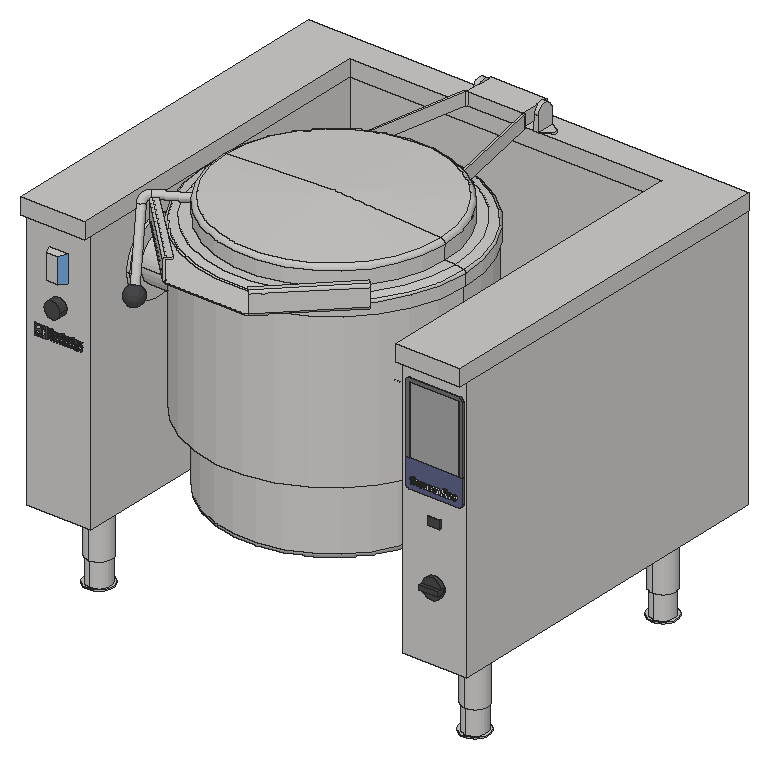
Revit family "QF_ELECTROLUXPROFESSIONAL_587156_PBOT06RCIO", category Attrezzature speciali, Revit 2020 (continued)
Definition of nested family "QF_ELECTROLUXPROFESSIONAL_PBOT900_LEFT"
  Automatic sketch dimensions
    Extrusion 5 sketch curve to Extrusion 5 sketch curve = 0.105 mm
    Extrusion 5 sketch curve to Extrusion 5 sketch curve = 0.097 mm
    Extrusion 5 sketch curve to Extrusion 5 sketch curve = 3.982 mm
    Extrusion 5 sketch curve to Extrusion 5 sketch curve = 0.17 mm
    Extrusion 5 sketch curve to Extrusion 5 sketch curve = 6.49 mm
    Extrusion 5 sketch curve to Extrusion 5 sketch curve = 1.777 mm
    Extrusion 5 sketch curve to plane 10 "TOP" = 296.072 mm
    Extrusion 5 sketch curve to Extrusion 5 sketch curve = 0.63 mm
    Extrusion 5 sketch curve to Extrusion 5 sketch curve = 1.001 mm
    Extrusion 5 sketch curve to plane 10 "TOP" = 294.678 mm
    Extrusion 5 sketch curve to Extrusion 5 sketch curve = 1.393 mm
    Extrusion 5 sketch curve to Extrusion 5 sketch curve = 2.363 mm
    Extrusion 5 sketch curve to Extrusion 5 sketch curve = 2.253 mm
    Extrusion 5 sketch curve to Extrusion 5 sketch curve = 0.014 mm  (x4)
    Extrusion 5 sketch curve to Extrusion 5 sketch curve = 0.172 mm
    Extrusion 5 sketch curve to Extrusion 5 sketch curve = 0.096 mm
    Extrusion 5 sketch curve to Extrusion 5 sketch curve = 0.164 mm
    Extrusion 5 sketch curve to Extrusion 5 sketch curve = 0.298 mm
    Extrusion 5 sketch curve to Extrusion 5 sketch curve = 0.247 mm
    Extrusion 5 sketch curve to Extrusion 5 sketch curve = 0.084 mm
    Extrusion 5 sketch curve to Extrusion 5 sketch curve = 6.484 mm
    Extrusion 5 sketch curve to Extrusion 5 sketch curve = 2.596 mm
    Extrusion 5 sketch curve to Extrusion 5 sketch curve = 0.059 mm  (x2)
    Extrusion 5 sketch curve to Extrusion 5 sketch curve = 3.889 mm
    Extrusion 5 sketch curve to plane 10 "TOP" = 307.979 mm
    Extrusion 5 sketch curve to Extrusion 5 sketch curve = 6.029 mm
    Extrusion 5 sketch curve to plane 10 "TOP" = 305.988 mm
    Extrusion 5 sketch curve to Extrusion 5 sketch curve = 0.929 mm
    Extrusion 5 sketch curve to Extrusion 5 sketch curve = 1.102 mm
    Extrusion 5 sketch curve to Extrusion 5 sketch curve = 0.756 mm  (x2)
    Extrusion 5 sketch curve to plane 10 "TOP" = 306.353 mm
    Extrusion 5 sketch curve to Extrusion 5 sketch curve = 0.852 mm
    Extrusion 5 sketch curve to Extrusion 5 sketch curve = 0.108 mm
    Extrusion 5 sketch curve to Extrusion 5 sketch curve = 0.101 mm
    Extrusion 5 sketch curve to Extrusion 5 sketch curve = 0.072 mm
    Extrusion 5 sketch curve to Extrusion 5 sketch curve = 1.67 mm
    Extrusion 5 sketch curve to Extrusion 5 sketch curve = 1.834 mm
    Extrusion 5 sketch curve to Extrusion 5 sketch curve = 0.366 mm
    Extrusion 5 sketch curve to Extrusion 5 sketch curve = 0.993 mm
    Extrusion 5 sketch curve to Extrusion 5 sketch curve = 0.81 mm
    Extrusion 5 sketch curve to Extrusion 5 sketch curve = 1.026 mm  (x2)
    Extrusion 5 sketch curve to Extrusion 5 sketch curve = 4.272 mm
    Extrusion 5 sketch curve to Extrusion 5 sketch curve = 0.163 mm
    Extrusion 5 sketch curve to Extrusion 5 sketch curve = 0.551 mm
    Extrusion 5 sketch curve to Extrusion 5 sketch curve = 6.11 mm
    Extrusion 5 sketch curve to Extrusion 5 sketch curve = 1.451 mm
    Extrusion 5 sketch curve to Extrusion 5 sketch curve = 5.217 mm
    Extrusion 5 sketch curve to Extrusion 5 sketch curve = 0.045 mm  (x2)
    Extrusion 5 sketch curve to Extrusion 5 sketch curve = 0.241 mm
    Extrusion 5 sketch curve to Extrusion 5 sketch curve = 0.039 mm
    Extrusion 5 sketch curve to Extrusion 5 sketch curve = 1.134 mm
    Extrusion 5 sketch curve to Extrusion 5 sketch curve = 2.351 mm
    Extrusion 5 sketch curve to Extrusion 5 sketch curve = 3.993 mm
    Extrusion 5 sketch curve to Extrusion 5 sketch curve = 10.128 mm
    Extrusion 5 sketch curve to Extrusion 5 sketch curve = 0.956 mm
    Extrusion 5 sketch curve to Extrusion 5 sketch curve = 1.263 mm
    Extrusion 5 sketch curve to Extrusion 5 sketch curve = 2.577 mm
    Extrusion 5 sketch curve to Extrusion 5 sketch curve = 0.243 mm
    Extrusion 5 sketch curve to Extrusion 5 sketch curve = 0.031 mm
    Extrusion 5 sketch curve to Extrusion 5 sketch curve = 7.148 mm
    Extrusion 5 sketch curve to Extrusion 5 sketch curve = 1.502 mm
    Extrusion 5 sketch curve to Extrusion 5 sketch curve = 11.54 mm
    Extrusion 5 sketch curve to Extrusion 5 sketch curve = 11.758 mm
    Extrusion 5 sketch curve to Extrusion 5 sketch curve = 4.097 mm
    Extrusion 5 sketch curve to Extrusion 5 sketch curve = 0.011 mm
    Extrusion 5 sketch curve to Extrusion 5 sketch curve = 4.488 mm
    Extrusion 5 sketch curve to Extrusion 5 sketch curve = 11.908 mm
    Extrusion 5 sketch curve to Extrusion 5 sketch curve = 2.236 mm
    Extrusion 5 sketch curve to Extrusion 5 sketch curve = 0.22 mm
    Extrusion 5 sketch curve to Extrusion 5 sketch curve = 0.319 mm
    Extrusion 5 sketch curve to Extrusion 5 sketch curve = 1.192 mm
    Extrusion 5 sketch curve to Extrusion 5 sketch curve = 3.577 mm  (x2)
    Extrusion 5 sketch curve to Extrusion 5 sketch curve = 3.444 mm  (x2)
    Extrusion 5 sketch curve to Extrusion 5 sketch curve = 1.626 mm  (x2)
    Extrusion 5 sketch curve to Extrusion 5 sketch curve = 2.021 mm
    Extrusion 5 sketch curve to Extrusion 5 sketch curve = 2.967 mm
    Extrusion 5 sketch curve to Extrusion 5 sketch curve = 1.22 mm
    Extrusion 5 sketch curve to Extrusion 5 sketch curve = 3.412 mm
    Extrusion 5 sketch curve to Extrusion 5 sketch curve = 0.892 mm  (x3)
    Extrusion 5 sketch curve to Extrusion 5 sketch curve = 0.58 mm  (x2)
    Extrusion 5 sketch curve to Extrusion 5 sketch curve = 2.117 mm
    Extrusion 5 sketch curve to Extrusion 5 sketch curve = 0.295 mm  (x2)
    Extrusion 5 sketch curve to Extrusion 5 sketch curve = 0.618 mm
    Extrusion 5 sketch curve to Extrusion 5 sketch curve = 1.65 mm
    Extrusion 5 sketch curve to Extrusion 5 sketch curve = 1.662 mm
    Extrusion 5 sketch curve to Extrusion 5 sketch curve = 0.013 mm  (x2)
    Extrusion 5 sketch curve to Extrusion 5 sketch curve = 0.292 mm
    Extrusion 5 sketch curve to Extrusion 5 sketch curve = 0.107 mm  (x2)
    Extrusion 5 sketch curve to Extrusion 5 sketch curve = 0.068 mm  (x2)
    Extrusion 5 sketch curve to Extrusion 5 sketch curve = 2.361 mm
    Extrusion 5 sketch curve to Extrusion 5 sketch curve = 2.359 mm
    Extrusion 5 sketch curve to Extrusion 5 sketch curve = 0.531 mm  (x2)
    Extrusion 5 sketch curve to Extrusion 5 sketch curve = 0.928 mm  (x2)
    Extrusion 5 sketch curve to Extrusion 5 sketch curve = 1.058 mm
    Extrusion 5 sketch curve to Extrusion 5 sketch curve = 0.297 mm  (x2)
    Extrusion 5 sketch curve to Extrusion 5 sketch curve = 0.155 mm  (x2)
    Extrusion 5 sketch curve to Extrusion 5 sketch curve = 0.182 mm  (x2)
    Extrusion 5 sketch curve to Extrusion 5 sketch curve = 0.607 mm  (x2)
    Extrusion 5 sketch curve to Extrusion 5 sketch curve = 0.372 mm  (x2)
    Extrusion 5 sketch curve to Extrusion 5 sketch curve = 0.016 mm  (x2)
    Extrusion 5 sketch curve to Extrusion 5 sketch curve = 0.996 mm
    Extrusion 5 sketch curve to Extrusion 5 sketch curve = 0.93 mm
    Extrusion 5 sketch curve to Extrusion 5 sketch curve = 0.709 mm  (x2)
    Extrusion 5 sketch curve to Extrusion 5 sketch curve = 1.017 mm
    Extrusion 5 sketch curve to Extrusion 5 sketch curve = 4.718 mm
    Extrusion 5 sketch curve to Extrusion 5 sketch curve = 0.891 mm
    Extrusion 5 sketch curve to Extrusion 5 sketch curve = 3.826 mm
    Extrusion 5 sketch curve to Extrusion 5 sketch curve = 0.954 mm
    Extrusion 5 sketch curve to Extrusion 5 sketch curve = 5.576 mm
    Extrusion 5 sketch curve to Extrusion 5 sketch curve = 5.661 mm  (x2)
    Extrusion 5 sketch curve to Extrusion 5 sketch curve = 0.006 mm
    Extrusion 5 sketch curve to Extrusion 5 sketch curve = 2.203 mm
    Extrusion 5 sketch curve to Extrusion 5 sketch curve = 2.21 mm
    Extrusion 5 sketch curve to Extrusion 5 sketch curve = 1.607 mm
    Extrusion 5 sketch curve to Extrusion 5 sketch curve = 3.92 mm
    Extrusion 5 sketch curve to Extrusion 5 sketch curve = 0.05 mm
    Extrusion 5 sketch curve to Extrusion 5 sketch curve = 1.776 mm
    Extrusion 5 sketch curve to Extrusion 5 sketch curve = 4.017 mm
    Extrusion 5 sketch curve to Extrusion 5 sketch curve = 0.196 mm  (x2)
    Extrusion 5 sketch curve to Extrusion 5 sketch curve = 0.19 mm
    Extrusion 5 sketch curve to Extrusion 5 sketch curve = 1.312 mm
    Extrusion 5 sketch curve to Extrusion 5 sketch curve = 0.146 mm
    Extrusion 5 sketch curve to Extrusion 5 sketch curve = 2.831 mm
    Extrusion 5 sketch curve to Extrusion 5 sketch curve = 0.387 mm
    Extrusion 5 sketch curve to Extrusion 5 sketch curve = 0.174 mm
    Extrusion 5 sketch curve to Extrusion 5 sketch curve = 4.623 mm
    Extrusion 5 sketch curve to Extrusion 5 sketch curve = 1.754 mm
    Extrusion 5 sketch curve to Extrusion 5 sketch curve = 0.188 mm
    Extrusion 5 sketch curve to Extrusion 5 sketch curve = 0.02 mm
    Extrusion 5 sketch curve to Extrusion 5 sketch curve = 0.313 mm
    Extrusion 5 sketch curve to Extrusion 5 sketch curve = 0.12 mm
    Extrusion 5 sketch curve to Extrusion 5 sketch curve = 0.062 mm
    Extrusion 5 sketch curve to Extrusion 5 sketch curve = 0.568 mm
    Extrusion 5 sketch curve to Extrusion 5 sketch curve = 0.095 mm
    Extrusion 5 sketch curve to Extrusion 5 sketch curve = 0.357 mm
    Extrusion 5 sketch curve to Extrusion 5 sketch curve = 0.008 mm
    Extrusion 5 sketch curve to Extrusion 5 sketch curve = 0.36 mm
    Extrusion 5 sketch curve to Extrusion 5 sketch curve = 3.784 mm
    Extrusion 5 sketch curve to Extrusion 5 sketch curve = 1.654 mm
    Extrusion 5 sketch curve to Extrusion 5 sketch curve = 1.454 mm
    Extrusion 5 sketch curve to Extrusion 5 sketch curve = 3.429 mm
    Extrusion 5 sketch curve to Extrusion 5 sketch curve = 1.094 mm
    Extrusion 5 sketch curve to Extrusion 5 sketch curve = 2.218 mm
    Extrusion 5 sketch curve to Extrusion 5 sketch curve = 1.404 mm
    Extrusion 5 sketch curve to Extrusion 5 sketch curve = 5.959 mm
    Extrusion 5 sketch curve to Extrusion 5 sketch curve = 1.424 mm
    Extrusion 5 sketch curve to Extrusion 5 sketch curve = 3.23 mm
    Extrusion 5 sketch curve to Extrusion 5 sketch curve = 1.975 mm
    Extrusion 5 sketch curve to Extrusion 5 sketch curve = 3.779 mm
    Extrusion 5 sketch curve to Extrusion 5 sketch curve = 2.212 mm
    Extrusion 5 sketch curve to Extrusion 5 sketch curve = 3.78 mm
    Extrusion 5 sketch curve to Extrusion 5 sketch curve = 1.279 mm
    Extrusion 5 sketch curve to Extrusion 5 sketch curve = 1.343 mm  (x2)
    Extrusion 5 sketch curve to Extrusion 5 sketch curve = 1.353 mm  (x2)
    Extrusion 5 sketch curve to Extrusion 5 sketch curve = 0.027 mm  (x2)
    Extrusion 5 sketch curve to Extrusion 5 sketch curve = 0.395 mm  (x2)
    Extrusion 5 sketch curve to Extrusion 5 sketch curve = 0.329 mm  (x2)
    Extrusion 5 sketch curve to Extrusion 5 sketch curve = 0.425 mm  (x2)
    Extrusion 5 sketch curve to Extrusion 5 sketch curve = 0.051 mm  (x2)
    Extrusion 5 sketch curve to Extrusion 5 sketch curve = 0.495 mm  (x2)
    Extrusion 5 sketch curve to Extrusion 5 sketch curve = 0.267 mm  (x2)
    Extrusion 5 sketch curve to Extrusion 5 sketch curve = 1.4 mm
    Extrusion 5 sketch curve to Extrusion 5 sketch curve = 5.233 mm
    Extrusion 5 sketch curve to Extrusion 5 sketch curve = 2.062 mm
    Extrusion 6 sketch curve to plane 13 "HW_CW" = 0.0 mm  (x2)
    Extrusion 6 sketch curve to plane 15 = 0.0 mm
    Extrusion 6 sketch curve to plane 14 = 0.0 mm
    radius of Extrusion 2 sketch curve = 20.0 mm
    radius of Extrusion 3 sketch curve = 6.35 mm  (x2)
    radius of Extrusion 5 sketch curve = 2.453 mm
    radius of Extrusion 5 sketch curve = 1.557 mm
    radius of Extrusion 5 sketch curve = 1.468 mm
    radius of Extrusion 5 sketch curve = 2.451 mm
    radius of Extrusion 6 sketch curve = 5.0 mm  (x2)
Definition of nested family "QF_ELECTROLUXPROFESSIONAL_PBOT900_RIGHT"
  Parameters
    Width = 160.0 mm
    Right = Width / 2  # 80.0 mm
    Default Elevation = 0.0 mm
    Left = -Width / 2  # -80.0 mm
    Htop = 40.0 mm
    Height = 900.0 mm
    HBase = 200.0 mm
    EI_z = 250.0 mm
    EI_y = 239.0 mm
    Depth = 900.0 mm
    BorderFront = 20.0 mm
    Body Finish [instance] = none
  Reference planes
    plane 1 "Center (Front/Back)": y = 0
    plane 2: z = 0
    plane 3 "Center (Left/Right)": x = 0
    plane 4 "LEFT": x = -80
    plane 5 "RIGHT": x = 80
    plane 6 "BACK": y = 450
    plane 7 "FRONT": y = -450
    plane 8 "Base": z = 200
    plane 9 "TOP": z = 900
    plane 10 "BorderFront": y = -430
    plane 11: z = 860
    plane 12 "EI": z = 450
    plane 13: y = 211
  Forms (mm)
    Extrusion 1, solid
      sketch origin (0, 0, 0) x (1, 0, 0) y (0, 1, 0)
        loop
          line (-80, 450) -> (-80, -430) -> (80, -430) -> (80, 450) -> (-80, 450)
      from 860 to 200
    Extrusion 2, solid
      sketch origin (0, -430, 0) x (-1, 0, 0) y (0, 0, 1)
        loop
          line (59.714, 823.989) -> (-61.821, 823.989)
          arc (-61.821, 823.989) -> (-68.892, 821.06) -> (-71.821, 813.989) r 10
          line (-71.821, 813.989) -> (-71.821, 644.744) -> (-61.821, 644.744) -> (-61.821, 813.989) -> (59.714, 813.989) -> (59.714, 644.744) -> (69.714, 644.744) -> (69.714, 813.989)
          arc (69.714, 813.989) -> (66.786, 821.06) -> (59.714, 823.989) r 10
      from 0 to -3
    Extrusion 3, solid
      sketch origin (0, -430, 0) x (-1, 0, 0) y (0, 0, 1)
        loop
          circle (0, 375.28) r 25
      from 0 to -10
    Extrusion 4, solid
      sketch origin (0, -430, 0) x (-1, 0, 0) y (0, 0, 1)
        loop
          line (24.382, 380.806) -> (-24.382, 380.806)
          arc (-24.382, 380.806) -> (-25, 375.28) -> (-24.382, 369.753) r 25
          line (-24.382, 369.753) -> (24.382, 369.753)
          arc (24.382, 369.753) -> (25, 375.28) -> (24.382, 380.806) r 25
      from 0 to -20
    Extrusion 5, solid
      sketch origin (0, -430, 0) x (-1, 0, 0) y (0, 0, 1)
        loop
          line (69.714, 585) -> (69.714, 644.744) -> (-71.821, 644.744) -> (-71.821, 585)
          arc (-71.821, 585) -> (-68.892, 577.929) -> (-61.821, 575) r 10
          line (-61.821, 575) -> (59.714, 575)
          arc (59.714, 575) -> (66.786, 577.929) -> (69.714, 585) r 10
      from -3 to 0
    Extrusion 6, solid
      sketch origin (234.714, -430, 0) x (-1, 0, 0) y (0, 0, 1)
        loop
          line (294.429, 813.989) -> (172.894, 813.989) -> (172.894, 644.744) -> (294.429, 644.744) -> (294.429, 813.989)
      from 0 to -3
    Extrusion 7, solid
      sketch origin (0, -430, 0) x (-1, 0, 0) y (0, 0, 1)
        loop
          line (15, 530) -> (-15, 530) -> (-15, 510) -> (15, 510) -> (15, 530)
      from -1.6 to 0
    Extrusion 8, solid
      sketch origin (0, 450, 0) x (-1, 0, 0) y (0, 0, 1)
        loop
          circle (0, 450) r 5
      from 0 to 2
    Extrusion 9, solid
      sketch origin (0, 0, 200) x (0, 1, 0) y (-1, 0, 0)
        loop
          circle (211, 0) r 10
      from 0 to -3
  Lines and regions (mm)
    symbolic lines
      curve 1: line (-80, 450, 0) -> (80, 450, 0)
      curve 2: line (80, 450, 0) -> (80, -430, 0)
  Dimensions and locks
    "Width": plane 4 "LEFT" to plane 5 "RIGHT"
    equal spacing: plane 4 "LEFT", plane 3 "Center (Left/Right)", plane 5 "RIGHT"
    equal spacing: plane 6 "BACK", plane 1 "Center (Front/Back)", plane 7 "FRONT"
    "Depth": plane 6 "BACK" to plane 7 "FRONT"
    "BorderFront": plane 10 "BorderFront" to plane 7 "FRONT"
    "Htop": plane 9 "TOP" to plane 11
    "Height": plane 9 "TOP" to level
    "HBase": plane 8 "Base" to level
    Extrusion 4 sketch curve to Extrusion 4 sketch curve = 11.053 mm
    "EI_y": plane 6 "BACK" to plane 13
    "EI_z": plane 12 "EI" to plane 8 "Base"
    aligned and locked: level to plane 2
    aligned and locked: plane 10 "BorderFront" to Extrusion 1 sketch curve
    aligned and locked: plane 11 to Extrusion 1
    aligned and locked: Extrusion 1 to plane 8 "Base"
    aligned and locked: plane 4 "LEFT" to Extrusion 1 sketch curve
    aligned and locked: Extrusion 1 sketch curve to plane 5 "RIGHT"
    aligned and locked: Extrusion 1 sketch curve to plane 6 "BACK"
  Automatic sketch dimensions
    Extrusion 3 sketch curve to plane 3 "Center (Left/Right)" = 0.0 mm
    plane 8 "Base" to Extrusion 3 sketch curve = 175.28 mm
    Extrusion 4 sketch curve to Extrusion 4 sketch curve = 0.0 mm  (x3)
    Extrusion 4 sketch curve to plane 3 "Center (Left/Right)" = 0.0 mm
    plane 3 "Center (Left/Right)" to Extrusion 4 sketch curve = 24.382 mm
    Extrusion 4 sketch curve to plane 3 "Center (Left/Right)" = 24.382 mm
    plane 8 "Base" to Extrusion 4 sketch curve = 169.753 mm
    Extrusion 2 sketch curve to plane 5 "RIGHT" = 8.179 mm
    Extrusion 2 sketch curve to Extrusion 2 sketch curve = 10.0 mm  (x2)
    Extrusion 2 sketch curve to Extrusion 2 sketch curve = 0.0 mm  (x4)
    plane 4 "LEFT" to Extrusion 2 sketch curve = 20.286 mm
    Extrusion 2 sketch curve to plane 11 = 215.256 mm
    Extrusion 2 sketch curve to plane 11 = 46.011 mm
    Extrusion 5 sketch curve to plane 5 "RIGHT" = 8.179 mm
    plane 4 "LEFT" to Extrusion 5 sketch curve = 20.286 mm
    plane 4 "LEFT" to Extrusion 5 sketch curve = 10.286 mm
    Extrusion 5 sketch curve to plane 11 = 285.0 mm
    Extrusion 5 sketch curve to Extrusion 5 sketch curve = 59.744 mm
    Extrusion 5 sketch curve to Extrusion 5 sketch curve = 10.0 mm
    plane 4 "LEFT" to Extrusion 6 sketch curve = 20.286 mm
    Extrusion 6 sketch curve to plane 11 = 46.011 mm
    Extrusion 6 sketch curve to plane 5 "RIGHT" = 18.179 mm
    Extrusion 6 sketch curve to Extrusion 6 sketch curve = 169.244 mm
    Extrusion 8 sketch curve to plane 3 "Center (Left/Right)" = 0.0 mm
    Extrusion 8 sketch curve to plane 12 "EI" = 0.0 mm
    curve 1 to plane 4 "LEFT" = 0.0 mm
    curve 1 to plane 5 "RIGHT" = 0.0 mm
    curve 2 to plane 10 "BorderFront" = 0.0 mm
    curve 1 to plane 6 "BACK" = 0.0 mm
    plane 3 "Center (Left/Right)" to Extrusion 7 sketch curve = 15.0 mm
    Extrusion 7 sketch curve to plane 3 "Center (Left/Right)" = 15.0 mm
    plane 12 "EI" to Extrusion 7 sketch curve = 60.0 mm
    Extrusion 7 sketch curve to Extrusion 7 sketch curve = 20.0 mm
    Extrusion 9 sketch curve to plane 3 "Center (Left/Right)" = 0.0 mm
    Extrusion 9 sketch curve to plane 13 = 0.0 mm
    radius of Extrusion 3 sketch curve = 25.0 mm
    radius of Extrusion 8 sketch curve = 5.0 mm
    radius of Extrusion 9 sketch curve = 10.0 mm
  Nested families
    nested 1: "ELX_ThermaLine" at (-0.906, -433, 593.675) x (1, 0, 0) z (0, -1, 0), type "ELX_ThermaLine"
      with Show Logo yes, Material_Logo none
  Definition of nested family "ELX_ThermaLine"
    Parameters
      Show Logo [instance] = yes
      Material_Logo [instance] = none
      Default Elevation = 0.0 mm
    Reference planes
      plane 1 "Centro (Fronte/Retro)": y = 0
      plane 2: z = 0
      plane 3 "Centro (Sinistra/Destra)": x = 0
    Forms (mm)
      Extrusion 1, solid
        sketch origin (0, 0, 0) x (1, 0, 0) y (0, 1, 0)
          loop
            line (-1219.2, 1219.2) -> (-1219.2, -1219.2) -> (1219.2, -1219.2) -> (1219.2, 1219.2) -> (-1219.2, 1219.2)
        from 0 to -304.8
      Extrusion 2, solid
        sketch origin (0, 0, 0) x (1, 0, 0) y (0, 1, 0)
          loop
            line (-52.84, 4.345) -> (-50.793, 4.345) -> (-50.793, 6.716) -> (-52.84, 6.716) -> (-52.84, 10.788) -> (-55.901, 9.058) -> (-55.901, 6.716) -> (-57.324, 6.716) -> (-57.324, 4.345) -> (-55.901, 4.345) -> (-55.901, -1.637)
            arc (-55.901, -1.637) -> (-54.76, -4.355) -> (-51.88, -4.985) r 3.198
            line (-51.88, -4.985) -> (-50.444, -4.597) -> (-50.782, -2.189) -> (-51.765, -2.453)
            arc (-51.765, -2.453) -> (-52.506, -2.305) -> (-52.84, -1.628) r 0.854
            line (-52.84, -1.628) -> (-52.84, 4.345)
          loop
            line (-48.642, 11.198) -> (-48.642, -4.787) -> (-45.561, -4.787) -> (-45.561, 2.659)
            arc (-45.561, 2.659) -> (-44.379, 4.372) -> (-42.304, 4.523) r 2.408
            arc (-42.304, 4.523) -> (-41.484, 3.75) -> (-41.182, 2.665) r 2.099
            line (-41.182, 2.665) -> (-41.182, -4.787) -> (-38.117, -4.787) -> (-38.088, 2.166)
            arc (-38.088, 2.166) -> (-38.343, 3.963) -> (-39.021, 5.646) r 7.517
            arc (-39.021, 5.646) -> (-42.369, 6.971) -> (-45.561, 5.303) r 4.327
            line (-45.561, 5.303) -> (-45.561, 11.198) -> (-48.642, 11.198)
          loop
            arc (-28.196, 1.988) -> (-28.834, 3.893) -> (-30.683, 4.679) r 2.449
            arc (-30.683, 4.679) -> (-32.149, 3.674) -> (-32.711, 1.988) r 2.793
            line (-32.711, 1.988) -> (-28.196, 1.988)
          loop
            arc (-25.128, 0.121) -> (-26.074, 4.342) -> (-29.545, 6.923) r 6.212
            arc (-29.545, 6.923) -> (-33.021, 6.358) -> (-35.352, 3.718) r 5.232
            arc (-35.352, 3.718) -> (-35.918, 1.148) -> (-35.633, -1.468) r 8.117
            arc (-35.633, -1.468) -> (-34.524, -3.319) -> (-32.789, -4.603) r 5.523
            arc (-32.789, -4.603) -> (-28.402, -4.744) -> (-25.297, -1.641) r 5.523
            line (-25.297, -1.641) -> (-28.327, -1.106)
            arc (-28.327, -1.106) -> (-29.324, -2.396) -> (-30.951, -2.501) r 1.982
            arc (-30.951, -2.501) -> (-32.276, -1.475) -> (-32.789, 0.121) r 2.835
            line (-32.789, 0.121) -> (-25.128, 0.121)
          loop
            line (-22.733, -4.787) -> (-19.705, -4.787) -> (-19.705, 0)
            arc (-19.705, 0) -> (-19.663, 1.267) -> (-19.469, 2.521) r 10.557
            arc (-19.469, 2.521) -> (-18.189, 4.014) -> (-16.237, 3.761) r 2.069
            line (-16.237, 3.761) -> (-15.318, 6.433)
            arc (-15.318, 6.433) -> (-17.915, 6.783) -> (-19.931, 5.11) r 3.262
            line (-19.931, 5.11) -> (-19.931, 6.752) -> (-22.733, 6.752) -> (-22.733, -4.787)
          loop
            line (-14.233, 6.752) -> (-14.233, -4.787) -> (-11.135, -4.787) -> (-11.135, 1.783)
            arc (-11.135, 1.783) -> (-10.552, 3.635) -> (-8.862, 4.59) r 2.646
            arc (-8.862, 4.59) -> (-7.677, 3.931) -> (-7.234, 2.65) r 1.899
            line (-7.234, 2.65) -> (-7.234, -4.787) -> (-4.155, -4.787) -> (-4.155, 1.467)
            arc (-4.155, 1.467) -> (-3.845, 2.923) -> (-2.97, 4.128) r 3.581
            arc (-2.97, 4.128) -> (-1.581, 4.474) -> (-0.516, 3.516) r 1.525
            arc (-0.516, 3.516) -> (-0.324, 2.735) -> (-0.304, 1.931) r 3.735
            line (-0.304, 1.931) -> (-0.304, -4.787) -> (2.776, -4.787) -> (2.776, 3.096)
            arc (2.776, 3.096) -> (1.833, 5.68) -> (-0.612, 6.942) r 3.784
            arc (-0.612, 6.942) -> (-2.795, 6.596) -> (-4.513, 5.205) r 4.271
            arc (-4.513, 5.205) -> (-5.893, 6.457) -> (-7.686, 6.964) r 4.079
            arc (-7.686, 6.964) -> (-9.75, 6.555) -> (-11.39, 5.237) r 4.412
            line (-11.39, 5.237) -> (-11.39, 6.752) -> (-14.233, 6.752)
          loop
            line (5.334, 3.712) -> (8.069, 3.23)
            arc (8.069, 3.23) -> (10.312, 4.685) -> (12.137, 2.73) r 2.082
            line (12.137, 2.73) -> (8.171, 1.741)
            arc (8.171, 1.741) -> (6.593, 1.022) -> (5.378, -0.215) r 4.758
            arc (5.378, -0.215) -> (5.225, -1.991) -> (5.744, -3.697) r 4.711
            arc (5.744, -3.697) -> (7.301, -4.682) -> (9.118, -4.992) r 4.691
            arc (9.118, -4.992) -> (10.903, -4.593) -> (12.411, -3.558) r 4.818
            line (12.411, -3.558) -> (12.81, -4.787) -> (15.873, -4.787) -> (15.179, -2.652) -> (15.179, 3.25)
            arc (15.179, 3.25) -> (14.773, 5.146) -> (13.38, 6.496) r 3.336
            arc (13.38, 6.496) -> (10.765, 7.201) -> (8.091, 6.773) r 6.459
            arc (8.091, 6.773) -> (6.348, 5.57) -> (5.334, 3.712) r 4.569
          loop
            line (21.001, -4.787) -> (24.24, -4.787) -> (27.623, 11.127) -> (24.384, 11.127) -> (21.001, -4.787)
          loop
            line (27.273, -4.787) -> (30.332, -4.787) -> (32.777, 6.716) -> (29.718, 6.716) -> (27.273, -4.787)
          loop
            line (30.656, 11.127) -> (30.058, 8.314) -> (33.117, 8.314) -> (33.715, 11.127) -> (30.656, 11.127)
          loop
            line (33.431, -4.787) -> (36.649, -4.787) -> (38.261, 2.796)
            arc (38.261, 2.796) -> (39.644, 4.445) -> (41.791, 4.594) r 2.751
            arc (41.791, 4.594) -> (42.425, 3.729) -> (42.502, 2.659) r 1.936
            line (42.502, 2.659) -> (40.919, -4.787) -> (43.989, -4.787) -> (45.795, 3.712)
            arc (45.795, 3.712) -> (45.588, 5.458) -> (44.361, 6.716) r 2.734
            arc (44.361, 6.716) -> (41.222, 6.857) -> (38.516, 5.259) r 5.512
            line (38.516, 5.259) -> (38.826, 6.716) -> (35.876, 6.716) -> (33.431, -4.787)
          loop
            line (50.773, 1.934) -> (55.672, 1.934)
            arc (55.672, 1.934) -> (55.737, 2.919) -> (55.334, 3.821) r 2.051
            arc (55.334, 3.821) -> (53.773, 4.722) -> (52.024, 4.287) r 2.407
            arc (52.024, 4.287) -> (51.223, 3.203) -> (50.773, 1.934) r 4.566
          loop
            line (50.479, 0) -> (58.259, 0)
            arc (58.259, 0) -> (58.241, 3.53) -> (56.181, 6.396) r 5.8
            arc (56.181, 6.396) -> (52.577, 6.992) -> (49.395, 5.199) r 5.498
            arc (49.395, 5.199) -> (47.819, 2.372) -> (47.536, -0.853) r 7.747
            arc (47.536, -0.853) -> (48.406, -3.006) -> (50.236, -4.437) r 4.494
            arc (50.236, -4.437) -> (52.672, -4.934) -> (55.109, -4.437) r 6.224
            arc (55.109, -4.437) -> (56.76, -3.346) -> (57.916, -1.739) r 5.478
            line (57.916, -1.739) -> (55.129, -1.247)
            arc (55.129, -1.247) -> (53.897, -2.495) -> (52.149, -2.637) r 2.52
            arc (52.149, -2.637) -> (50.809, -1.638) -> (50.479, 0) r 2.336
          loop
            line (12.154, 0.755) -> (8.732, -0.098)
            arc (8.732, -0.098) -> (8.126, -1.288) -> (8.732, -2.478) r 1.471
            arc (8.732, -2.478) -> (10.437, -2.725) -> (11.827, -1.706) r 2.276
            arc (11.827, -1.706) -> (12.142, -0.496) -> (12.154, 0.755) r 5.123
        from 0 to 1.6
    Dimensions and locks
      aligned and locked: plane 2 to Extrusion 1
      aligned and locked: level to Extrusion 1
Definition of nested family "QF_ELECTROLUXPROFESSIONAL_2FEET_THL_120xH200"
  Parameters
    Width = 120.0 mm
    Right = Width / 2  # 60.0 mm
    Default Elevation = 0.0 mm
    Left = -Width / 2  # -60.0 mm
    Height = 200.0 mm
    HBase = Height - 15.0 mm  # 185.0 mm
    Depth = 880.0 mm
  Reference planes
    plane 1 "Center (Front/Back)": y = 0
    plane 2: z = 0
    plane 3 "Center (Left/Right)": x = 0
    plane 4 "LEFT": x = -60
    plane 5 "RIGHT": x = 60
    plane 6 "BACK": y = 440
    plane 7 "FRONT": y = -440
    plane 8 "Base": z = 185
    plane 9 "TOP": z = 200
    plane 10: y = 283
    plane 11: y = -304
    plane 12: y = 368
    plane 13: y = -388
    plane 14: x = -80
  Forms (mm)
    Extrusion 1, solid
      sketch origin (0, 0, 200) x (0, 1, 0) y (-1, 0, 0)
        loop
          line (368, 60) -> (-388, 60) -> (-388, -60) -> (368, -60) -> (368, 60)
      from 0 to -15
    Revolve 2, solid
      sketch origin (0, 0, 0) x (0, 1, 0) y (0, 0, 1)
        loop
          line (283, 0) -> (318, 0) -> (318, 2) -> (311.179, 2) -> (311.179, 63) -> (314.75, 63) -> (314.75, 185) -> (283, 185) -> (283, 0)
        axis (283, 185) -> (283, 0)
      angle from 0 to 360
    Revolve 3, solid
      sketch origin (0, 0, 0) x (0, 1, 0) y (0, 0, 1)
        loop
          line (-304, 185) -> (-304, 0) -> (-269, 0) -> (-269, 2) -> (-275.821, 2) -> (-275.821, 63) -> (-272.25, 63) -> (-272.25, 185) -> (-304, 185)
        axis (-304, 185) -> (-304, 0)
      angle from 0 to 360
  Dimensions and locks
    "Width": plane 4 "LEFT" to plane 5 "RIGHT"
    equal spacing: plane 4 "LEFT", plane 3 "Center (Left/Right)", plane 5 "RIGHT"
    equal spacing: plane 6 "BACK", plane 1 "Center (Front/Back)", plane 7 "FRONT"
    "Depth": plane 6 "BACK" to plane 7 "FRONT"
    "HBase": plane 8 "Base" to level
    "Height": plane 9 "TOP" to level
    locked: plane 6 "BACK" to plane 10 at 157
    locked: plane 10 to plane 11 at 587
    plane 6 "BACK" to plane 12 = 72.0 mm
    plane 13 to plane 7 "FRONT" = 52.0 mm
    plane 12 to plane 13 = 756.0 mm
    plane 14 to plane 3 "Center (Left/Right)" = 80.0 mm
    aligned and locked: level to plane 2
    aligned and locked: Extrusion 1 sketch curve to plane 5 "RIGHT"
    aligned and locked: plane 4 "LEFT" to Extrusion 1 sketch curve
    aligned and locked: Extrusion 1 to plane 8 "Base"
    aligned and locked: Extrusion 1 sketch curve to plane 12
    aligned and locked: plane 13 to Extrusion 1 sketch curve
  Automatic sketch dimensions
    Revolve 2 sketch curve to level = 0.0 mm
    Revolve 2 sketch curve to plane 10 = 0.0 mm  (x2)
    Revolve 2 sketch curve to plane 8 "Base" = 0.0 mm
    plane 10 to Revolve 2 sketch curve = 28.179 mm
    Revolve 2 sketch curve to Revolve 2 sketch curve = 31.75 mm
    Revolve 2 sketch curve to Revolve 2 sketch curve = 6.821 mm
    level to Revolve 2 sketch curve = 2.0 mm
    Revolve 2 sketch curve to Revolve 2 sketch curve = 61.0 mm
    Revolve 2 sketch curve to level = 50.0 mm
    plane 9 "TOP" to Revolve 2 sketch curve = 70.0 mm
    Revolve 3 sketch curve to plane 11 = 0.0 mm
    Revolve 3 sketch curve to level = 0.0 mm
    Revolve 3 sketch curve to plane 10 = 587.0 mm
    Revolve 3 sketch curve to plane 8 "Base" = 0.0 mm
    Revolve 3 sketch curve to plane 10 = 558.821 mm
    Revolve 3 sketch curve to Revolve 3 sketch curve = 3.571 mm
    Revolve 3 sketch curve to Revolve 3 sketch curve = 6.821 mm
    level to Revolve 3 sketch curve = 2.0 mm
    Revolve 3 sketch curve to Revolve 3 sketch curve = 61.0 mm
    Revolve 3 sketch curve to level = 180.0 mm
    plane 9 "TOP" to Revolve 3 sketch curve = 205.0 mm
Definition of nested family "QF_ELECTROLUXPROFESSIONAL_PBOT900_LEVEL1"
  Parameters
    Default Elevation = 0.0 mm
    Assembly Code = ""
  Reference planes
    plane 1 "Center (Front/Back)": y = 0
    plane 2: z = 0
    plane 3 "Center (Left/Right)": x = 0
  Forms (mm)
    Sweep 1, solid
      path origin (0, 0, 0) x (1, 0, 0) y (0, 0.5, 0.866025)
        loop
          line (0, 0) -> (-80, 0)
          arc (-80, 0) -> (-94.142, -5.858) -> (-100, -20) r 20
          line (-100, -20) -> (-100, -200)
      profile origin (-40, 0, 0) x (0, -0.5, -0.866025) y (0, -0.866025, 0.5)
        loop
          circle (0, 0) r 9
    Revolve 2, solid
      sketch origin (-20, 0, 0) x (1, 0, 0) y (0, 0.5, 0.866025)
        loop
          arc (-57.5, -200) -> (-80, -177.5) -> (-102.5, -200) r 22.5
          line (-102.5, -200) -> (-57.5, -200)
        axis (-102.5, -200) -> (-57.5, -200)
      angle from 0 to 360
  Lines and regions (mm)
    symbolic lines
      curve 1: line (0, -9, 0) -> (-80, -9, 0)
      curve 2: line (0, 9, 0) -> (-80, 9, 0)
      curve 3: line (-91, -80, 0) -> (-91, -15, 0)
      curve 4: line (-109, -80, 0) -> (-109, -10, 0)
      curve 5: arc (-109, -10, 0) -> (-97.335, 3.827, 0) -> (-80, 9, 0) r 31.632
      curve 6: arc (-91, -15, 0) -> (-86.265, -10.598, 0) -> (-80, -9, 0) r 13.083
      curve 7: spline (-77.953, -100, 0) -> (-78.704, -94.175, 0) -> (-80.907, -88.747, 0) -> (-84.41, -84.087, 0) -> (-88.977, -80.51, 0) -> (-94.294, -78.262, 0) -> (-100, -77.495, 0) -> (-105.706, -78.262, 0) -> (-111.023, -80.51, 0) -> (-115.59, -84.087, 0) -> (-119.093, -88.747, 0) -> (-121.296, -94.175, 0) -> (-122.047, -100, 0) -> (-121.296, -105.825, 0) -> (-119.093, -111.253, 0) -> (-115.59, -115.913, 0) -> (-111.023, -119.49, 0) -> (-105.706, -121.738, 0) -> (-100, -122.505, 0) -> (-94.294, -121.738, 0) -> (-88.977, -119.49, 0) -> (-84.41, -115.913, 0) -> (-80.907, -111.253, 0) -> (-78.704, -105.825, 0) -> (-77.953, -100, 0)
  Dimensions and locks
    aligned and locked: level to plane 2
